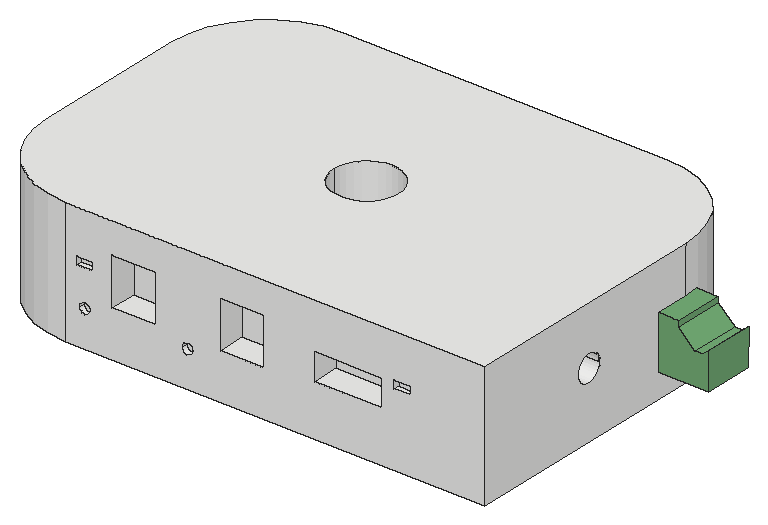
Revit family "Electronics_Commercial-Audio_Biamp_USB-Switch_200", category Communication Devices, host Face, Revit 2020
Family settings
  Host = Face
  Maintain Annotation Orientation = No
  Round Connector Dimension = Use Diameter
  Part Type = Normal
  OmniClass Number = 23.85.10.14
  OmniClass Title = Visual Information Systems
  Cut with Voids When Loaded = No
  Shared = No
  Room Calculation Point = No
Parameters (values of type "USB 200")
  Width = 0' - 2.51969"  # constant formula
  Weight = 0.20 lbf  # constant formula
  Voltage = 5 V  # constant formula
  URL = "https://www.biamp.com"
  Temperature Range = "32-104° F (0-40° C)"  # constant formula
  Product data url = "https://www.bimobject.com/en/biamp/product/usb-200_usb-switch"
  Product Page URL = "https://www.biamp.com/products/product-families/commercial-audio/usb-switch#usb-200"
  Product Documentation Link = "https://downloads.biamp.com/assets/docs/default-source/data-sheets/biamp_data_sheet_usb_200_sep22.pdf"
  Power Factor = 1  # constant formula
  Number of Poles = 1  # constant formula
  Model = "USB 200 USB Switch"  # constant formula
  Max Power Consumption = 15 W  # constant formula
  Manufacturer = "Biamp"  # constant formula
  Humidity = "10-90% (non-condensing)"  # constant formula
  Housing Material = Biamp - Plastic - White
  Height = 0' - 0.90551"  # constant formula
  Description = "USB 200 USB Switch"  # constant formula
  Depth = 0' - 3.74016"  # constant formula
  Default Elevation = 4' - 0"
  Cooling = "Convection"  # constant formula
  Connector Description = "5V DC 15W"  # constant formula
  Compliance = "CE Marked (Europe) RoHS Directive (Europe) "  # constant formula
  Apparent Load = Max Power Consumption / Power Factor  # 15 VA
  Altitude = "0-6,600 ft (0-2000m) MSL"  # constant formula
Reference planes (in)
  plane 1 "Center (Front/Back)": y = 0
  plane 2: z = 0
  plane 3 "Center (Left/Right)": x = 0
Forms (in)
  Extrusion 1, solid, material "Biamp - Plastic - White", detail levels coarse
    sketch origin (0, 0, 0) x (1, 0, 0) y (0, 1, 0)
      loop
        line (-1.87008, 1.25984) -> (-1.87008, -1.25984) -> (1.87008, -1.25984) -> (1.87008, 1.25984) -> (-1.87008, 1.25984)
    from 0 to 0.90551
  Extrusion 2, solid, material "Biamp - Plastic - White", detail levels medium+fine
    sketch origin (0, 0, 0) x (1, 0, 0) y (0, 1, 0)
      loop
        arc (-1.1811, 1.25984) -> (-1.66828, 1.05805) -> (-1.87008, 0.57087) r 0.68898
        line (-1.87008, 0.57087) -> (-1.87008, -0.57087)
        arc (-1.87008, -0.57087) -> (-1.66828, -1.05805) -> (-1.1811, -1.25984) r 0.68898
        line (-1.1811, -1.25984) -> (1.87008, -1.25984) -> (1.87008, 0.57087)
        arc (1.87008, 0.57087) -> (1.66828, 1.05805) -> (1.1811, 1.25984) r 0.68898
        line (1.1811, 1.25984) -> (-1.1811, 1.25984)
      loop
        circle (0, 0) r 0.23622
    from 0 to 0.90551
  Extrusion 3, void
    sketch origin (2.16535, -1.25984, 0) x (1, 0, 0) y (0, 0, -1)
      loop
        line (-1.53524, -0.57242) -> (-1.04312, -0.57242) -> (-1.04312, -0.37557) -> (-1.53524, -0.37557) -> (-1.53524, -0.57242)
    from 0 to 0.19685
  Extrusion 4, void
    sketch origin (0.64191, 0, 0) x (1, 0, 0) y (0, 0, 1)
      loop
        line (-0.69484, 0.68091) -> (-0.69484, 0.3362) -> (-0.37988, 0.3362) -> (-0.37988, 0.68091) -> (-0.69484, 0.68091)
    from 1.06299 to 1.25984
  Extrusion 5, void
    sketch origin (-0.14549, 0, 0) x (1, 0, 0) y (0, 0, 1)
      loop
        line (-0.69484, 0.68091) -> (-0.69484, 0.3362) -> (-0.37988, 0.3362) -> (-0.37988, 0.68091) -> (-0.69484, 0.68091)
    from 1.06299 to 1.25984
  Extrusion 6, void
    sketch origin (0, 0, 0) x (1, 0, 0) y (0, 0, 1)
      loop
        circle (-1.03718, 0.26459) r 0.03937
      loop
        circle (-0.28914, 0.26459) r 0.03937
      loop
        line (-1.09623, 0.5902) -> (-1.09623, 0.53115) -> (-0.97812, 0.53115) -> (-0.97812, 0.5902) -> (-1.09623, 0.5902)
      loop
        line (1.21098, 0.5902) -> (1.21098, 0.53115) -> (1.32909, 0.53115) -> (1.32909, 0.5902) -> (1.21098, 0.5902)
    from 1.22118 to 1.25984
  Extrusion 7, void
    sketch origin (1.87008, 1.43209, 0) x (0, 1, 0) y (0, 0, -1)
      loop
        circle (-1.74755, -0.48246) r 0.09843
    from 0 to 0.3937
  Extrusion 8, solid, material "Biamp - Plastic - Green", detail levels medium+fine
    sketch origin (0, 0.31145, 0.16267) x (0, 0, -1) y (1, 0, 0)
      loop
        line (-0.37069, 2.02518) -> (-0.40975, 2.02518) -> (-0.40975, 1.87008) -> (-0.02188, 1.87008) -> (-0.02188, 2.24409) -> (-0.29037, 2.24409) -> (-0.25296, 2.19951) -> (-0.25296, 2.14291) -> (-0.37069, 2.02518)
    from -0.35679 to 0
Cuts and joins
  Extrusion 3, Extrusion 4, Extrusion 5, Extrusion 6, Extrusion 7 cuts Extrusion 2
Lines and regions (in)
  Masking region 1, detail levels medium+fine
    outline origin (0, 0, 0) x (1, 0, 0) y (0, 1, 0)
      loop
        arc (-1.87008, -0.57087) -> (-1.66828, -1.05805) -> (-1.1811, -1.25984) r 0.68898
        line (-1.1811, -1.25984) -> (1.87008, -1.25984) -> (1.87008, 0.31145) -> (2.24409, 0.31145) -> (2.24409, 0.66824) -> (1.86316, 0.66824)
        arc (1.86316, 0.66824) -> (1.63254, 1.09134) -> (1.1811, 1.25984) r 0.68898
        line (1.1811, 1.25984) -> (-1.1811, 1.25984)
        arc (-1.1811, 1.25984) -> (-1.66828, 1.05805) -> (-1.87008, 0.57087) r 0.68898
        line (-1.87008, 0.57087) -> (-1.87008, -0.57087)
      loop
        circle (0, 0) r 0.23622
  Masking region 2, detail levels coarse
    outline origin (0, 0, 0) x (1, 0, 0) y (0, 1, 0)
      loop
        line (-1.87008, 1.25984) -> (-1.87008, -1.25984) -> (1.87008, -1.25984) -> (1.87008, 1.25984) -> (-1.87008, 1.25984)
  Masking region 3
    outline origin (0, 0, 0) x (1, 0, 0) y (0, 0, 1)
      loop
        line (1.87008, 0.90551) -> (-1.87008, 0.90551) -> (-1.87008, 0) -> (1.87008, 0) -> (1.87008, 0.90551)
  Masking region 4, detail levels medium+fine
    outline origin (0, 0, 0) x (1, 0, 0) y (0, 0, 1)
      loop
        line (1.87008, 0.18455) -> (2.24409, 0.18455) -> (2.24409, 0.45303) -> (2.19951, 0.41563) -> (2.14291, 0.41563) -> (2.02518, 0.53336) -> (2.02518, 0.57242) -> (1.87008, 0.57242) -> (1.87008, 0.18455)
  Masking region 5
    outline origin (0, 0, 0) x (0, 1, 0) y (0, 0, 1)
      loop
        line (1.25984, 0.90551) -> (-1.25984, 0.90551) -> (-1.25984, 0) -> (1.25984, 0) -> (1.25984, 0.90551)
  symbolic lines
    curve 1: line (1.87008, 0, 0.90551) -> (-1.87008, 0, 0.90551)
    curve 18: line (1.87008, 0, 0.90551) -> (-1.87008, 0, 0.90551)
    curve 25: line (-1.87008, 0.31145, 0.90551) -> (1.87008, 0.31145, 0.90551)
    curve 26: line (-1.87008, 0.31145, 0) -> (-1.87008, 0.31145, 0.90551)
    curve 27: line (1.87008, 0.31145, 0) -> (-1.87008, 0.31145, 0)
    curve 28: line (1.87008, 0.31145, 0.90551) -> (1.87008, 0.31145, 0)
    curve 36: line (0, 1.25984, 0.90551) -> (0, -1.25984, 0.90551)
    curve 37: line (0, 1.25984, 0) -> (0, 1.25984, 0.90551)
    curve 38: line (0, -1.25984, 0) -> (0, 1.25984, 0)
    curve 39: line (0, -1.25984, 0.90551) -> (0, -1.25984, 0)
  symbolic lines, detail levels medium+fine
    curve 2: arc (-1.87008, -0.57087, 0) -> (-1.66828, -1.05805, 0) -> (-1.1811, -1.25984, 0) r 0.68898
    curve 3: line (-1.87008, 0.57087, 0) -> (-1.87008, -0.57087, 0)
    curve 4: arc (-1.1811, 1.25984, 0) -> (-1.66828, 1.05805, 0) -> (-1.87008, 0.57087, 0) r 0.68898
    curve 5: line (1.1811, 1.25984, 0) -> (-1.1811, 1.25984, 0)
    curve 6: arc (1.87008, 0.57087, 0) -> (1.66828, 1.05805, 0) -> (1.1811, 1.25984, 0) r 0.68898
    curve 7: line (1.87008, -1.25984, 0) -> (1.87008, 0.57087, 0)
    curve 8: line (-1.1811, -1.25984, 0) -> (1.87008, -1.25984, 0)
    curve 9: line (1.87008, 0.31145, 0) -> (2.24409, 0.31145, 0)
    curve 10: line (2.24409, 0.66824, 0) -> (1.87008, 0.66824, 0)
    curve 11: line (2.24409, 0.31145, 0) -> (2.24409, 0.66824, 0)
    curve 12: arc (0.23622, 0, 0) -> (0, -0.23622, 0) -> (-0.23622, 0, 0) r 0.23622
    curve 13: arc (-0.23622, 0, 0) -> (0, 0.23622, 0) -> (0.23622, 0, 0) r 0.23622
    curve 19: line (2.24409, 0, 0.18455) -> (1.87008, 0, 0.18455)
    curve 20: line (1.87008, 0, 0.57242) -> (2.02518, 0, 0.57242)
    curve 21: line (2.02518, 0, 0.57242) -> (2.02518, 0, 0.53336)
    curve 22: line (2.02518, 0, 0.53336) -> (2.14291, 0, 0.41563)
    curve 23: line (2.14291, 0, 0.41563) -> (2.19951, 0, 0.41563)
    curve 24: line (2.19951, 0, 0.41563) -> (2.24409, 0, 0.45303)
    curve 29: line (1.87008, 0.31145, 0.18455) -> (2.24409, 0.31145, 0.18455)
    curve 30: line (2.24409, 0.31145, 0.18455) -> (2.24409, 0.31145, 0.45303)
    curve 31: line (2.24409, 0.31145, 0.45303) -> (2.19951, 0.31145, 0.41563)
    curve 32: line (2.19951, 0.31145, 0.41563) -> (2.14291, 0.31145, 0.41563)
    curve 33: line (2.14291, 0.31145, 0.41563) -> (2.02518, 0.31145, 0.53336)
    curve 34: line (2.02518, 0.31145, 0.53336) -> (2.02518, 0.31145, 0.57242)
    curve 35: line (2.02518, 0.31145, 0.57242) -> (1.87008, 0.31145, 0.57242)
    curve 40: line (0, 0.66824, 0.57242) -> (0, 0.31145, 0.57242)
    curve 41: line (0, 0.66824, 0.18455) -> (0, 0.66824, 0.57242)
    curve 42: line (0, 0.31145, 0.18455) -> (0, 0.66824, 0.18455)
    curve 43: line (0, 0.31145, 0.57242) -> (0, 0.31145, 0.18455)
  symbolic lines, detail levels coarse
    curve 14: line (-1.87008, 1.25984, 0) -> (1.87008, 1.25984, 0)
    curve 15: line (-1.87008, -1.25984, 0) -> (-1.87008, 1.25984, 0)
    curve 16: line (1.87008, -1.25984, 0) -> (-1.87008, -1.25984, 0)
    curve 17: line (1.87008, 1.25984, 0) -> (1.87008, -1.25984, 0)
Dimensions and locks (in)
  aligned and locked: plane 2 to host face
  aligned and locked: level to host face
Connectors (in)
  electrical at (1.87008, -0.31546, 0.48246), driven by "Voltage", driven by "Apparent Load", driven by "Power Factor", driven by "Connector Description", driven by "Number of Poles"
    settings: on cut or joined group of Extrusion 2, Extrusion 3, Extrusion 4, Extrusion 5, Extrusion 6, Extrusion 7, index 1, voltage 5 V, apparent load 15 VA, apparent load phase1 0 VA, apparent load phase2 0 VA, apparent load phase3 0 VA, power factor 1, load classification "Other", number of poles 1, system type 30, power factor state 1, is connector primary yes, connector utility no, sub classification motor no, connector description "5V DC 15W"
  electrical at (0.87617, -1.25984, 0.474)
    settings: on cut or joined group of Extrusion 2, Extrusion 3, Extrusion 4, Extrusion 5, Extrusion 6, Extrusion 7, index 2, voltage 0 V, apparent load 0 VA, apparent load phase1 0 VA, apparent load phase2 0 VA, apparent load phase3 0 VA, power factor 1, load classification "Other", number of poles 1, system type 5, power factor state 1, is connector primary no, connector utility no, sub classification motor no, connector description "USB-A; Output"
  electrical at (0.10456, -1.25984, 0.50856)
    settings: on cut or joined group of Extrusion 2, Extrusion 3, Extrusion 4, Extrusion 5, Extrusion 6, Extrusion 7, index 3, voltage 0 V, apparent load 0 VA, apparent load phase1 0 VA, apparent load phase2 0 VA, apparent load phase3 0 VA, power factor 1, load classification "Other", number of poles 1, system type 5, power factor state 1, is connector primary no, connector utility no, sub classification motor no, connector description "USB-B; Input"
  electrical at (-0.68285, -1.25984, 0.50856)
    settings: on cut or joined group of Extrusion 2, Extrusion 3, Extrusion 4, Extrusion 5, Extrusion 6, Extrusion 7, index 4, voltage 0 V, apparent load 0 VA, apparent load phase1 0 VA, apparent load phase2 0 VA, apparent load phase3 0 VA, power factor 1, load classification "Other", number of poles 1, system type 5, power factor state 1, is connector primary no, connector utility no, sub classification motor no, connector description "USB-B; Input"
  electrical at (2.24409, 0.48984, 0.31879)
    settings: on Extrusion 8, index 5, voltage 0 V, apparent load 0 VA, apparent load phase1 0 VA, apparent load phase2 0 VA, apparent load phase3 0 VA, power factor 1, load classification "Other", number of poles 1, system type 5, power factor state 1, is connector primary no, connector utility no, sub classification motor no, connector description "Euroblock 2 pin; Switch input"
